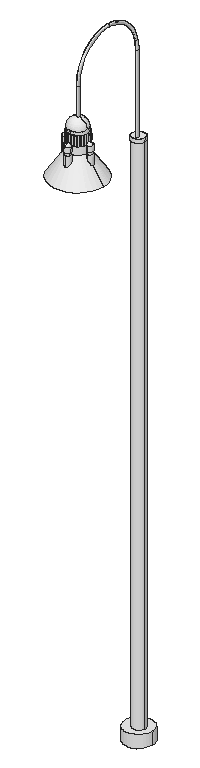
Revit family "RA17", category Lighting Fixtures, Revit 2021 (continued)
Definition of nested family "Family1"
  Forms (in)
    Extrusion 16, solid, material <- "Housing Material"
      sketch origin (-1.46532, -6.19162, 1.51078) x (1, 0, 0) y (0, 1, 0)
        loop
          circle (0, 10.24564) r 0.75
      from 153.3106 to 155.8106
    Revolve 17, solid, material <- "Housing Material"
      sketch origin (-0.06358, 0.05401, 8.32138) x (1, 0, 0) y (0, 0, 1)
        loop
          line (-1.40174, 146.5) -> (-4.40174, 146.5) -> (-9.90174, 138.5) -> (-9.00014, 138.5) -> (-8.48688, 139.01326) -> (-1.40174, 139.01326) -> (-1.40174, 146.5)
        axis (-1.40174, 146.5) -> (-1.40174, 138.5)
      angle from 0 to 360
    Extrusion 18, solid, material <- "Housing Material"
      sketch origin (4.78032, 0.05401, 1.51078) x (0, 1, 0) y (-1, 0, 0)
        loop
          circle (0, 6.24564) r 3
      from 153.3106 to 159.8106
    Revolve 19, solid, material <- "Housing Material"
      sketch origin (-0.05171, 0.05986, 8.3106) x (1, 0, 0) y (0, 0, 1)
        loop
          line (-1.40174, 156) -> (-1.40174, 155.875)
          arc (-1.40174, 155.875) -> (0.63119, 155.03293) -> (1.47326, 153) r 2.875
          line (1.47326, 153) -> (1.59826, 153)
          arc (1.59826, 153) -> (0.71958, 155.12132) -> (-1.40174, 156) r 3
        axis (-1.40174, 156) -> (-1.40174, 153)
      angle from 0 to 360
    Extrusion 20, solid, material <- "Housing Material"
      sketch origin (4.79219, 0.05986, 1.5) x (0, 1, 0) y (-1, 0, 0)
        loop
          circle (0, 2.24564) r 1
      from 150.3106 to 153.3106
    Extrusion 21, solid, material <- "Housing Material"
      sketch origin (0.77874, 4.07331, 1.5) x (0, 1, 0) y (-1, 0, 0)
        loop
          circle (-0.01345, 2.23219) r 1
      from 150.3106 to 153.3106
    Extrusion 22, solid, material <- "Housing Material"
      sketch origin (-3.23471, 0.05986, 1.5) x (0, 1, 0) y (-1, 0, 0)
        loop
          circle (0, 2.21874) r 0.98655
      from 150.3106 to 153.3106
    Extrusion 23, solid, material <- "Housing Material"
      sketch origin (0.77874, -3.95359, 1.5) x (0, 1, 0) y (-1, 0, 0)
        loop
          circle (0.01345, 2.23219) r 0.98655
      from 150.3106 to 153.3106
    Extrusion 24, solid, material <- "Inside Material"
      sketch origin (7.73039, 0.23039, 0) x (1, 0, 0) y (0, 0, 1)
        loop
          line (-5.98275, 147.33465) -> (-5.83814, 146.93734) -> (-5.08814, 146.93734) -> (-5.23275, 147.33465) -> (-5.98275, 147.33465)
      from 4.37596 to 5.54711
    Extrusion 25, solid, material <- "Inside Material"
      sketch origin (6.54298, 3.03414, 0) x (1, 0, 0) y (0, 0, 1)
        loop
          line (-5.98275, 147.33465) -> (-5.83814, 146.93734) -> (-5.08814, 146.93734) -> (-5.23275, 147.33465) -> (-5.98275, 147.33465)
      from 4.37596 to 5.54711
    Extrusion 26, solid, material <- "Inside Material"
      sketch origin (6.15228, 5.24996, 0) x (1, 0, 0) y (0, 0, 1)
        loop
          line (-5.98275, 147.33465) -> (-5.83814, 146.93734) -> (-5.08814, 146.93734) -> (-5.23275, 147.33465) -> (-5.98275, 147.33465)
      from 4.37596 to 5.54711
    Extrusion 27, solid, material <- "Inside Material"
      sketch origin (7.00733, 7.59919, 0) x (1, 0, 0) y (0, 0, 1)
        loop
          line (-5.98275, 147.33465) -> (-5.83814, 146.93734) -> (-5.08814, 146.93734) -> (-5.23275, 147.33465) -> (-5.98275, 147.33465)
      from 4.37596 to 5.54711
    Extrusion 28, solid, material <- "Inside Material"
      sketch origin (8.61429, 9.5143, 0) x (1, 0, 0) y (0, 0, 1)
        loop
          line (-5.98275, 147.33465) -> (-5.83814, 146.93734) -> (-5.08814, 146.93734) -> (-5.23275, 147.33465) -> (-5.98275, 147.33465)
      from 4.37596 to 5.54711
    Extrusion 29, solid, material <- "Inside Material"
      sketch origin (8.84993, 6.82098, 0) x (1, 0, 0) y (0, 0, 1)
        loop
          line (-5.98275, 147.33465) -> (-5.83814, 146.93734) -> (-5.08814, 146.93734) -> (-5.23275, 147.33465) -> (-5.98275, 147.33465)
      from 4.37596 to 5.54711
    Extrusion 30, solid, material <- "Inside Material"
      sketch origin (8.84993, 4.17388, 0) x (1, 0, 0) y (0, 0, 1)
        loop
          line (-5.98275, 147.33465) -> (-5.83814, 146.93734) -> (-5.08814, 146.93734) -> (-5.23275, 147.33465) -> (-5.98275, 147.33465)
      from 4.37596 to 5.54711
    Extrusion 31, solid, material <- "Inside Material"
      sketch origin (9.07028, 1.65526, 0) x (1, 0, 0) y (0, 0, 1)
        loop
          line (-5.98275, 147.33465) -> (-5.83814, 146.93734) -> (-5.08814, 146.93734) -> (-5.23275, 147.33465) -> (-5.98275, 147.33465)
      from 4.37596 to 5.54711
    Extrusion 32, solid, material <- "Inside Material"
      sketch origin (-10.66103, 0.23039, 0) x (-1, 0, 0) y (0, 0, -1)
        loop
          line (-5.98275, -147.33465) -> (-5.23275, -147.33465) -> (-5.08814, -146.93734) -> (-5.83814, -146.93734) -> (-5.98275, -147.33465)
      from 4.37596 to 5.54711
    Extrusion 33, solid, material <- "Inside Material"
      sketch origin (-9.47362, 3.03414, 0) x (-1, 0, 0) y (0, 0, -1)
        loop
          line (-5.98275, -147.33465) -> (-5.23275, -147.33465) -> (-5.08814, -146.93734) -> (-5.83814, -146.93734) -> (-5.98275, -147.33465)
      from 4.37596 to 5.54711
    Extrusion 34, solid, material <- "Inside Material"
      sketch origin (-9.08291, 5.24996, 0) x (-1, 0, 0) y (0, 0, -1)
        loop
          line (-5.98275, -147.33465) -> (-5.23275, -147.33465) -> (-5.08814, -146.93734) -> (-5.83814, -146.93734) -> (-5.98275, -147.33465)
      from 4.37596 to 5.54711
    Extrusion 35, solid, material <- "Inside Material"
      sketch origin (-9.93796, 7.59919, 0) x (-1, 0, 0) y (0, 0, -1)
        loop
          line (-5.98275, -147.33465) -> (-5.23275, -147.33465) -> (-5.08814, -146.93734) -> (-5.83814, -146.93734) -> (-5.98275, -147.33465)
      from 4.37596 to 5.54711
    Extrusion 36, solid, material <- "Inside Material"
      sketch origin (-11.54493, 9.5143, 0) x (-1, 0, 0) y (0, 0, -1)
        loop
          line (-5.98275, -147.33465) -> (-5.23275, -147.33465) -> (-5.08814, -146.93734) -> (-5.83814, -146.93734) -> (-5.98275, -147.33465)
      from 4.37596 to 5.54711
    Extrusion 37, solid, material <- "Inside Material"
      sketch origin (-11.78056, 6.82098, 0) x (-1, 0, 0) y (0, 0, -1)
        loop
          line (-5.98275, -147.33465) -> (-5.23275, -147.33465) -> (-5.08814, -146.93734) -> (-5.83814, -146.93734) -> (-5.98275, -147.33465)
      from 4.37596 to 5.54711
    Extrusion 38, solid, material <- "Inside Material"
      sketch origin (-11.78056, 4.17388, 0) x (-1, 0, 0) y (0, 0, -1)
        loop
          line (-5.98275, -147.33465) -> (-5.23275, -147.33465) -> (-5.08814, -146.93734) -> (-5.83814, -146.93734) -> (-5.98275, -147.33465)
      from 4.37596 to 5.54711
    Extrusion 39, solid, material <- "Inside Material"
      sketch origin (-12.00092, 1.65526, 0) x (-1, 0, 0) y (0, 0, -1)
        loop
          line (-5.98275, -147.33465) -> (-5.23275, -147.33465) -> (-5.08814, -146.93734) -> (-5.83814, -146.93734) -> (-5.98275, -147.33465)
      from 4.37596 to 5.54711
  Dimensions and locks (in)
    aligned and locked: plane 2 to level
    aligned and locked: Revolve 10 to Revolve 9 sketch curve
Definition of nested family "Notation"
  Parameters
    Notation = "LF"
  Reference planes (in)
    plane 1: y = 0
    plane 2: x = 0
  Text (in)
    label "Notation" at (0.02149, 0.07192, 0), shows "Notation"
Types (5): name | 4C | 3Y | 2
  (no name) | no | no | no
  RA17-1A | no | no | no
  RA17-2B | no | no | yes
  RA17-3Y | no | yes | no
  RA17-4C | yes | no | yes
